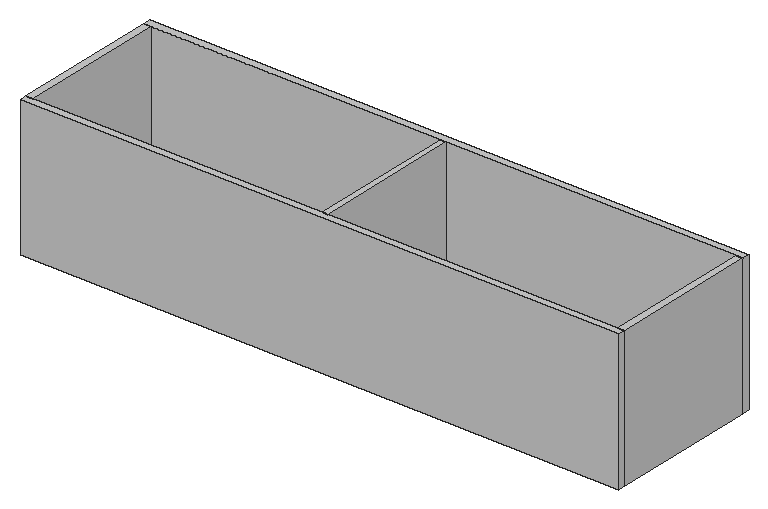
Revit family "Haworth_BeHold-Element_FlowerPlanter_EU_PRELIMINARY", category Furniture, Revit 2019
Family settings
  OmniClass Number = 23.40.70.14.64.21
  OmniClass Title = Systems Furniture
  Work Plane-Based = No
  Always vertical = Yes
  Cut with Voids When Loaded = No
  Shared = No
  Room Calculation Point = No
Parameters (values of type "160w x 43.3d")
  Width = 160 cm
  Warranty = "http://www.haworth.com/resources/product-info/warranties"
  URL - Product = "https://www.haworth.com/eu/en/products/office-drawers/be-hold.html"
  Model = "ESGFB"  # constant formula
  Min. Width = 50 cm  # constant formula
  Max. Width = 160 cm  # constant formula
  Low = not(High)  # no
  Large = Actual Width > 90 cm  # yes
  High = yes
  Description = "Haworth - BeHold Design - Flower Planter"  # constant formula
  URL = "https://www.haworth.com/eu/en.html"
  Size = "Verify Final Dim. w/ Haworth"  # constant formula
  Revision Number = "1"  # constant formula
  Manufacturer = "Haworth"  # constant formula
  Custom Size = not(or(Width = 50 cm, Width = 60 cm, Width = 80 cm, Width = 100 cm, Width = 120 cm, Width = 160 cm))  # no
  Box Body Finish [instance] = Haworth _ Laminate _ Putty H-AA
  Author = "Haworth (Abd Rahman)"  # constant formula
  Assembly Code = "E2020200"
  Actual Width = if(Width > Max. Width, Max. Width, if(Width < Min. Width, Min. Width, Width))  # 160 cm
  Actual Height = if(Low, 25 cm, 37.2 cm)  # 37.2 cm
  Actual Depth = 43.3 cm  # constant formula
Types (6, lengths in cm): name | Width | Low | Large | High | Actual Width | Actual Height
  120w x 43.3d | 120 | no | yes | yes | 120 | 37.2
  100w x 43.3d | 100 | no | yes | yes | 100 | 37.2
  160w x 43.3d | 160 | no | yes | yes | 160 | 37.2
  50w x 43.3d | 50 | yes | no | no | 50 | 25
  60w x 43.3d | 60 | no | no | yes | 60 | 37.2
  80w x 43.3d | 80 | yes | no | no | 80 | 25
Reference planes (cm)
  plane 1 "Center F/B": y = 0
  plane 2: z = 0
  plane 3 "Top": z = 37.2
  plane 4: x = 0
  plane 5: x = -80
  plane 6: x = 80
  plane 7: y = -21.65
  plane 8: y = 21.65
  plane 9: x = 78.1
  plane 10: x = -78.1
  plane 11: y = 19.75
  plane 12: y = -19.75
  plane 13: x = -0.75
  plane 14: x = 0.75
  plane 15: z = 1.9
Forms (cm)
  Extrusion 1, solid, material "Haworth _ Laminate _ Putty H-AA" <- "Box Body Finish"
    sketch origin (0, 0, 0) x (1, 0, 0) y (0, 1, 0)
      loop
        line (-80, 19.75) -> (-80, -19.75) -> (-78.1, -19.75) -> (-78.1, 19.75) -> (-80, 19.75)
      loop
        line (78.1, 19.75) -> (78.1, -19.75) -> (80, -19.75) -> (80, 19.75) -> (78.1, 19.75)
    from 0 to 37.2
  Extrusion 2, solid, material "Haworth _ Laminate _ Putty H-AA" <- "Box Body Finish"
    sketch origin (0, 0, 0) x (1, 0, 0) y (0, 1, 0)
      loop
        line (-80, 21.65) -> (-80, 19.75) -> (80, 19.75) -> (80, 21.65) -> (-80, 21.65)
      loop
        line (-80, -21.65) -> (80, -21.65) -> (80, -19.75) -> (-80, -19.75) -> (-80, -21.65)
    from 0 to 37.2
  Extrusion 3, solid, material "Haworth _ Laminate _ Putty H-AA" <- "Box Body Finish"
    sketch origin (0, 0, 0) x (1, 0, 0) y (0, 1, 0)
      loop
        line (-78.1, 19.75) -> (-78.1, -19.75) -> (78.1, -19.75) -> (78.1, 19.75) -> (-78.1, 19.75)
    from 0 to 1.9
  Extrusion 4, solid, material "Haworth _ Laminate _ Putty H-AA" <- "Box Body Finish", visible <- "Large"
    sketch origin (0, 0, 0) x (1, 0, 0) y (0, 1, 0)
      loop
        line (-0.75, 19.75) -> (-0.75, -19.75) -> (0.75, -19.75) -> (0.75, 19.75) -> (-0.75, 19.75)
    from 1.9 to 37.2
Lines and regions (cm)
  Masking region 1
    outline origin (0, 0, 0) x (1, 0, 0) y (0, 1, 0)
      loop
        line (-80, 21.65) -> (-80, -21.65) -> (80, -21.65) -> (80, 21.65) -> (-80, 21.65)
      loop
        line (-78.1, 19.75) -> (-78.1, -19.75) -> (78.1, -19.75) -> (78.1, 19.75) -> (-78.1, 19.75)
  symbolic lines, detail levels medium+fine
    curve 1: line (-0.75, 19.75, 0) -> (0.75, 19.75, 0)
    curve 2: line (-0.75, -19.75, 0) -> (-0.75, 19.75, 0)
    curve 3: line (0.75, -19.75, 0) -> (-0.75, -19.75, 0)
    curve 4: line (0.75, 19.75, 0) -> (0.75, -19.75, 0)
Dimensions and locks (cm)
  "Actual Height": plane 3 "Top" to level
  "Actual Width": plane 5 to plane 6
  "Actual Depth": plane 7 to plane 8
  equal spacing: plane 7, plane 1 "Center F/B", plane 8
  equal spacing: plane 5, plane 4, plane 6
  locked: plane 15 to plane 2 at 1.9
  locked: plane 9 to plane 6 at 1.9
  locked: plane 5 to plane 10 at 1.9
  plane 13 to plane 4 to plane 14 = 0.75 cm locked, 0.75 cm locked
  locked: plane 11 to plane 8 at 1.9
  locked: plane 7 to plane 12 at 1.9
  aligned and locked: Extrusion 1 to Extrusion 2
  aligned and locked: plane 6 to Masking region 1 sketch curve
  aligned and locked: Masking region 1 sketch curve to plane 8
  aligned and locked: Masking region 1 sketch curve to plane 5
  aligned and locked: Masking region 1 sketch curve to plane 7
  aligned and locked: Extrusion 2 to Masking region 1 sketch curve  (x2)
  aligned and locked: plane 3 "Top" to Extrusion 2
  aligned and locked: plane 3 "Top" to Extrusion 4
  aligned and locked: Extrusion 4 to Extrusion 3
  aligned and locked: Extrusion 2 sketch curve to plane 8
  aligned and locked: plane 6 to Extrusion 2 sketch curve
  aligned and locked: Extrusion 2 sketch curve to plane 11
  aligned and locked: Extrusion 2 sketch curve to plane 5
  aligned and locked: plane 5 to Extrusion 2 sketch curve
  aligned and locked: Extrusion 2 sketch curve to plane 12
  aligned and locked: Extrusion 2 sketch curve to plane 7
  aligned and locked: Extrusion 2 sketch curve to plane 6
  aligned and locked: plane 11 to Extrusion 4 sketch curve
  aligned and locked: plane 14 to Extrusion 4 sketch curve
  aligned and locked: Extrusion 4 sketch curve to plane 13
  aligned and locked: Extrusion 4 sketch curve to plane 12
  aligned and locked: plane 11 to Extrusion 1 sketch curve
  aligned and locked: plane 6 to Extrusion 1 sketch curve
  aligned and locked: Extrusion 1 sketch curve to plane 9
  aligned and locked: Extrusion 1 sketch curve to plane 12
  aligned and locked: plane 12 to Extrusion 1 sketch curve
  aligned and locked: Extrusion 1 sketch curve to plane 5
  aligned and locked: plane 10 to Extrusion 1 sketch curve
  aligned and locked: Extrusion 1 sketch curve to plane 11
  aligned and locked: curve 2 to plane 13
  aligned and locked: plane 14 to curve 4
  aligned and locked: Extrusion 3 to plane 15
  aligned and locked: Extrusion 3 to plane 2
  aligned and locked: Extrusion 2 to plane 2
  aligned and locked: Extrusion 1 to plane 2
  aligned and locked: plane 9 to Masking region 1
Automatic sketch dimensions
  Extrusion 3 sketch curve to plane 5 = 1.9 cm
  plane 6 to Extrusion 3 sketch curve = 1.9 cm
  Extrusion 3 sketch curve to plane 7 = 1.9 cm
  plane 8 to Extrusion 3 sketch curve = 1.9 cm
  plane 12 to curve 3 = 0 cm
  plane 11 to curve 2 = 0 cm
  Masking region 1 sketch curve to plane 10 = 0 cm
  plane 9 to Masking region 1 sketch curve = 0 cm
